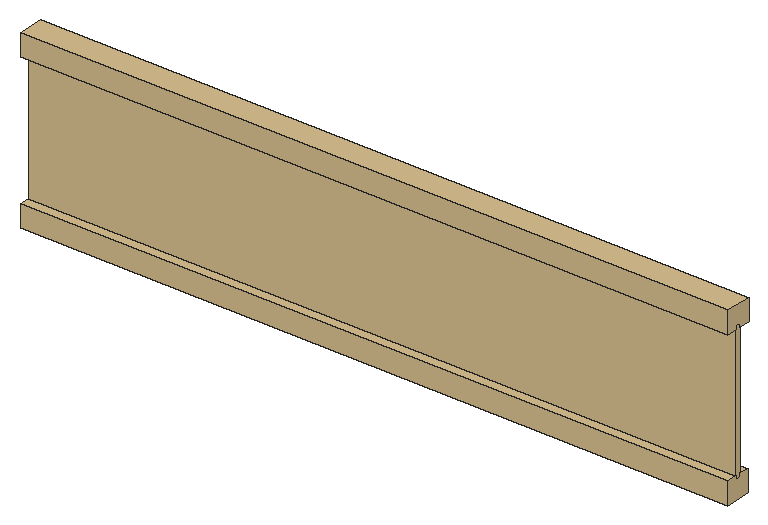
Revit family
Parameters (values of type "44X302")
  Start Extension Calculation [instance] = 3000 mm + Start Extension  # 3000 mm
  Start Extension [instance] = 0 mm
  Length [instance] = 1524 mm
  b = 44 mm
  d = 302 mm
  Keynote = "G20"
  End Extension Calculation [instance] = 3000 mm + End Extension  # 3000 mm
  End Extension [instance] = 0 mm
  Beam Material [instance] = Wood - Dimensional Lumber
Types (3, lengths in mm): name | d
  (no name) | 302
  44X302 | 302
  44X356 | 356
Reference planes
  plane 1 "Center (Front/Back)": y = 0
  plane 2: z = 0
  plane 3 "Center (Left/Right)": x = 4.61
  plane 4 "Member Left": x = -604.99
  plane 5 "Member Right": x = 614.21
  plane 6: y = 22
  plane 7: y = -22
  plane 8: z = 151
  plane 9: z = -151
  plane 10: z = -112.9
  plane 11: z = 112.9
  plane 12: y = -4.763
  plane 13: y = 4.762
  plane 14 "Left": x = -757.39
  plane 15 "Stick Symbol Left": x = -452.59
  plane 16 "Stick Symbol Right": x = 461.81
  plane 17 "Right": x = 766.61
  plane 18: x = -604.99
  plane 19: x = 614.21
  plane 20: x = 2395.01
  plane 21: x = -2385.79
Forms (mm)
  Extrusion 1, solid, material "Wood - Dimensional Lumber" <- "Beam Material", detail levels medium+fine
    sketch origin (4.61, 0, 0) x (0, 1, 0) y (0, 0, 1)
      loop
        line (22, 151) -> (-22, 151) -> (-22, 112.9) -> (-4.763, 112.9) -> (-4.763, 119.25) -> (4.762, 119.25) -> (4.762, 112.9) -> (22, 112.9) -> (22, 151)
      loop
        line (22, -151) -> (22, -112.9) -> (4.762, -112.9) -> (4.762, -118.516) -> (-4.763, -118.516) -> (-4.763, -112.9) -> (-22, -112.9) -> (-22, -151) -> (22, -151)
    from -609.6 to 609.6
  Extrusion 2, solid, material "Wood - Dimensional Lumber" <- "Beam Material", detail levels medium+fine
    sketch origin (4.61, 0, 0) x (0, 1, 0) y (0, 0, 1)
      loop
        line (4.762, 119.25) -> (-4.763, 119.25) -> (-4.763, -118.516) -> (4.762, -118.516) -> (4.762, 119.25)
    from -609.6 to 609.6
Lines and regions (mm)
  symbolic lines, style "Stick Symbols", detail levels coarse
    curve 1: line (0, -22, -151) -> (0, 22, -151)
    curve 2: line (0, 22, -151) -> (0, 22, -112.9)
    curve 3: line (0, 22, -112.9) -> (0, 4.762, -112.9)
    curve 4: line (0, 4.762, -112.9) -> (0, 4.762, 112.9)
    curve 5: line (0, 4.762, 112.9) -> (0, 22, 112.9)
    curve 6: line (0, 22, 112.9) -> (0, 22, 151)
    curve 7: line (0, 22, 151) -> (0, -22, 151)
    curve 8: line (0, -22, 151) -> (0, -22, 112.9)
    curve 9: line (0, -22, 112.9) -> (0, -4.763, 112.9)
    curve 10: line (0, -4.763, 112.9) -> (0, -4.763, -112.9)
    curve 11: line (0, -4.763, -112.9) -> (0, -22, -112.9)
    curve 12: line (0, -22, -112.9) -> (0, -22, -151)
Dimensions and locks
  "b": plane 6 to plane 7
  "d": plane 9 to plane 8
  equal spacing: plane 9, plane 2, plane 8
  equal spacing: plane 6, plane 1 "Center (Front/Back)", plane 7
  locked: plane 11 to plane 8 at 38.1
  locked: plane 9 to plane 10 at 38.1
  equal spacing: plane 13, plane 1 "Center (Front/Back)", plane 12
  locked: plane 13 to plane 12 at 9.525
  locked: Extrusion 1 sketch curve to plane 11 at 6.35
  locked: Extrusion 1 sketch curve to plane 10 at 5.616
  "Length": plane 14 "Left" to plane 17 "Right"
  locked: plane 21 to plane 5 "Member Right" at 3000
  locked: plane 4 "Member Left" to plane 20 at 3000
  "End Extension Calculation": plane 21 to plane 19
  "Start Extension Calculation": plane 18 to plane 20
  aligned and locked: plane 6 to Extrusion 1 sketch curve
  aligned and locked: Extrusion 1 sketch curve to plane 8
  aligned and locked: plane 9 to Extrusion 1 sketch curve
  aligned and locked: Extrusion 1 sketch curve to plane 7
  aligned and locked: Extrusion 2 sketch curve to Extrusion 1  (x4)
  aligned and locked: curve 9 to Extrusion 1
  aligned and locked: curve 5 to Extrusion 1
  aligned and locked: plane 6 to curve 6
  aligned and locked: curve 7 to plane 8
  aligned and locked: curve 8 to plane 7
  aligned and locked: plane 9 to curve 1
  aligned and locked: plane 6 to curve 2
  aligned and locked: curve 12 to plane 7
  aligned and locked: curve 3 to Extrusion 1
  aligned and locked: curve 11 to Extrusion 1
  aligned and locked: Extrusion 2 to curve 4
  aligned and locked: plane 18 to Extrusion 1
  aligned and locked: Extrusion 1 to plane 19
  aligned and locked: Extrusion 1 to Extrusion 2  (x2)
Automatic sketch dimensions
  Extrusion 1 sketch curve to plane 7 = 0 mm
  Extrusion 1 sketch curve to plane 12 = 0 mm  (x2)
  Extrusion 1 sketch curve to plane 11 = 0 mm  (x2)
  Extrusion 1 sketch curve to plane 13 = 0 mm  (x2)
  Extrusion 1 sketch curve to plane 6 = 0 mm
  Extrusion 1 sketch curve to plane 10 = 0 mm  (x2)
  plane 1 "Center (Front/Back)" to curve 11 = 4.763 mm
